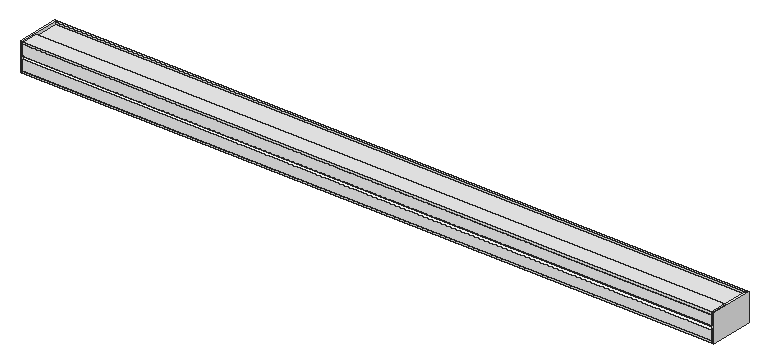
Revit family "4070757+4070747 Feilo Sylvania Lighting Fixture CURSUS 876MM 548LM WIDE LED 3K with SINGLE WALL HOUSING", category Lighting Fixtures, host Face, Revit 2017
Family settings
  Host = Face
  Round Connector Dimension = Use Diameter
  Part Type = Normal
  OmniClass Number = 23.80.70.14
  OmniClass Title = Luminaries for External Lighting
  Cut with Voids When Loaded = Yes
  Light Source = Yes
  Shared = Yes
  Room Calculation Point = No
Parameters (values of type "4070757 CURSUS 876MM 548LM WIDE LED 3K")
  Width_FEILO = 35 mm
  Weight = "1.7 kg"
  Wattage Comments = "n/a"
  Wattage = 13.5 W
  WarrantyStartDate [instance] = "n/a"
  WarrantyGuarantorParts = "n/a"
  WarrantyDurationUnit = "n/a"
  WarrantyDurationParts = "n/a"
  WarrantyDescription = "n/a"
  WallThickness_FEILO = 2.5 mm
  built-in parameter 1150110 = 1 (stored number, unit not read)
  Voltage = 24 V
  URL = "http://www.sylvania-lighting.com"
  TypeName = "CURSUS 876MM 548LM WIDE LED 3K"
  Type Image = <None>
  Type Comments = "n/a"
  built-in parameter 1114217 = 1 (stored number, unit not read)
  Tilt Angle = -90.00°
  built-in parameter 1150109 = 1 (stored number, unit not read)
  built-in parameter 1150134 = (empty or 0)
  built-in parameter 1150113 = 1 (stored number, unit not read)
  SerialNumber [instance] = "n/a"
  ReflectorMaterial = none
  PowerFactor = 0
  PowerConsumption = "13.5 W"
  Photometric Web File = "4070757.ies"
  NominalLength = 876 mm
  NominalHeight = 50 mm
  NominalDepth = 30 mm
  Name = "CURSUS 876MM 548LM WIDE LED 3K"
  ModelReference = Name  # "CURSUS 876MM 548LM WIDE LED 3K"
  ModelNumber = "4070757"
  Model = Name  # "CURSUS 876MM 548LM WIDE LED 3K"
  Material = "natural anodised extruded aluminium structure housing"
  ManufacturerName = "Feilo Sylvania"
  Manufacturer = "Feilo Sylvania"
  LuminousEfficacy = "40.59 lm/W"
  built-in parameter 1150105 = 302.47 (stored number, unit not read)
  Lumens = 548 lm
  LuminaireType = ""
  built-in parameter 1150115 = 1 (stored number, unit not read)
  LightOutputRatio = "100"
  built-in parameter 1150137 = (empty or 0)
  built-in parameter 1150139 = (empty or 0)
  Length_FEILO = 882 mm
  LampsType = Lamp  # "LED"
  LampNominalLuminous = "548 lm"
  LampMacAdamStep = "n/a"
  LampColourTemperature = "3000 K"
  LampColourRenderingIndex = "80"
  built-in parameter 1150112 = 1 (stored number, unit not read)
  built-in parameter 1150114 = 1 (stored number, unit not read)
  Lamp = "LED"
  Keynote = "16500"
  InstallationDate [instance] = "n/a"
  InputVoltage = "24V DC"
  InputNominalFrequency = "n/a"
  built-in parameter 1150132 = (empty or 0)
  built-in parameter 1150102 = (empty or 0)
  built-in parameter 1150107 = 3000 (stored number, unit not read)
  built-in parameter 1150138 = (empty or 0)
  IngressProtection = "IP67"
  ImpactProtectionIndex = "IK07"
  built-in parameter 1150106 = 3.0247 (stored number, unit not read)
  IfcExportType = "IfcLightFixtureType"
  IfcExportAs = "IfcLightFixtureType"
  ExpectedLife = 50000
  EndCapRight [instance] = yes
  EndCapLeft [instance] = yes
  Emit from Rectangle Width = Width_FEILO - WallThickness_FEILO * 2  # 30 mm
  Emit from Rectangle Length = Length_FEILO - WallThickness_FEILO * 2  # 877 mm
  Emit Shape Visible in Rendering = no
  ElectricShockClassification = "Class III"
  built-in parameter 1150104 = 3.7712 (stored number, unit not read)
  DurationUnit = "hours"
  DocumentationLiterature = "http://www.sylvania-lighting.com/product/en-int/products/4070757"
  DimmingControlOptions = "n/a"
  Dimming Lamp Color Temperature Shift = <None>
  DiffuserMaterial = Diffuser-Sylvania-Glow
  Description = "LED Exterior Lighting Recessed Surface Mounted Linear Fixture, Natural anodised extruded aluminium structure. Die-cast aluminium end caps. Installation kit with harmonic steel springs., 548 lm, 13,5W, 40lm/W, 3000K, CRI80+,non dimmable,IP67, IK07, (HxWxD) 876x50x30mm, 3 step Mac Adam Ellipse, 1.7kg,, Classe III, 21-25V-DC, energy class : A++, A+, A"
  Default Elevation = 1219.2 mm
  CreatedOn = "1/8/2018"
  CreatedBy = ""
  Cost = 0
  Color Filter = 16777215
  built-in parameter 1114216 [instance] = (empty or 0)
  ClassificationValue = "EF_70_80"
  ClassificationName = "Uniclass2015"
  BodyMaterial = Body-Sylvania-Gray
  BarCode [instance] = "n/a"
  built-in parameter 1114218 = 1 (stored number, unit not read)
  built-in parameter 1150133 = 10 (stored number, unit not read)
  AssetType = "Fixed"
  AssetIdentifier [instance] = "n/a"
  Assembly Code = "D5020200"
  Apparent Load = 13.5 VA
  AccessoryMaterial = Diffuser-Sylvania-Glow
Reference planes
  plane 1 "Center (Front/Back)": y = 0
  plane 2: z = 0
  plane 3 "Center (Left/Right)": x = 0
  plane 4: x = 441
  plane 5: x = -441
  plane 6: x = -438.5
  plane 7: x = 438.5
  plane 8: z = 35
  plane 9: z = 17.5
  plane 10: z = 32.5
  plane 11: z = 2.5
  plane 12: z = 30
  plane 13: z = 5
  plane 14: y = -55
  plane 15: y = -53
  plane 16: y = -2.5
  plane 17: y = -37
  plane 18: y = -34.5
Forms (mm)
  Extrusion 1, solid, material "Body-Sylvania-Gray" <- "BodyMaterial"
    sketch origin (0, 0, 0) x (0, 1, 0) y (0, 0, 1)
      loop
        line (0, 35) -> (-2.5, 35) -> (-2.5, 32.5) -> (-34.5, 32.5) -> (-34.5, 35) -> (-55, 35) -> (-55, 32.5) -> (-37, 32.5) -> (-37, 30) -> (-2.5, 30) -> (-2.5, 5) -> (-37, 5) -> (-37, 2.5) -> (-55, 2.5) -> (-55, 0) -> (-34.5, 0) -> (-34.5, 2.5) -> (-2.5, 2.5) -> (-2.5, 0) -> (0, 0) -> (0, 35)
    from -438.5 to 438.5
  Extrusion 2, solid, material "Diffuser-Sylvania-Glow" <- "DiffuserMaterial"
    sketch origin (0, 0, 0) x (0, 1, 0) y (0, 0, 1)
      loop
        line (-37, 32.5) -> (-55, 32.5) -> (-55, 19.5) -> (-53, 17.5) -> (-55, 15.5) -> (-55, 2.5) -> (-37, 2.5) -> (-37, 32.5)
    from -438.5 to 438.5
  Extrusion 3, solid, material "Body-Sylvania-Gray" <- "BodyMaterial", visible <- "EndCapRight"
    sketch origin (438.5, 1524, 1219.2) x (0, 1, 0) y (0, 0, 1)
      loop
        line (-1579, -1184.2) -> (-1579, -1219.2) -> (-1524, -1219.2) -> (-1524, -1184.2) -> (-1579, -1184.2)
    from 0 to 2.5
  Extrusion 4, solid, material "Body-Sylvania-Gray" <- "BodyMaterial", visible <- "EndCapLeft"
    sketch origin (-438.5, 1524, 1219.2) x (0, 1, 0) y (0, 0, 1)
      loop
        line (-1579, -1184.2) -> (-1579, -1219.2) -> (-1524, -1219.2) -> (-1524, -1184.2) -> (-1579, -1184.2)
    from -2.5 to 0
Dimensions and locks
  equal spacing: plane 5, plane 3 "Center (Left/Right)", plane 4
  "Length_FEILO": plane 5 to plane 4
  equal spacing: plane 6, plane 3 "Center (Left/Right)", plane 7
  "WallThickness_FEILO": plane 5 to plane 6
  locked: plane 9 to plane 2 at 17.5
  locked: plane 8 to plane 2 at 35
  equal spacing: plane 11, plane 9, plane 10
  equal spacing: plane 13, plane 9, plane 12
  "WallThickness_FEILO": plane 12 to plane 10
  locked: plane 14 to plane 15 at 2
  locked: plane 14 to plane 17 at 18
  "WallThickness_FEILO": plane 17 to plane 18
  "WallThickness_FEILO": plane 16 to plane 1 "Center (Front/Back)"
  locked: plane 15 to Extrusion 2 sketch curve (angle 45.00°)
  locked: Extrusion 2 sketch curve to plane 15 (angle 45.00°)
  aligned and locked: plane 2 to host face
  aligned and locked: level to host face
  aligned and locked: plane 1 "Center (Front/Back)" to Extrusion 1 sketch curve
  aligned and locked: Extrusion 1 sketch curve to plane 8  (x2)
  aligned and locked: plane 16 to Extrusion 1 sketch curve
  aligned and locked: host face to Extrusion 1 sketch curve
  aligned and locked: Extrusion 1 sketch curve to plane 16  (x2)
  aligned and locked: Extrusion 1 sketch curve to plane 11
  aligned and locked: plane 18 to Extrusion 1 sketch curve
  aligned and locked: level to Extrusion 1 sketch curve
  aligned and locked: plane 11 to Extrusion 1 sketch curve
  aligned and locked: Extrusion 1 sketch curve to plane 17
  aligned and locked: plane 13 to Extrusion 1 sketch curve
  aligned and locked: Extrusion 1 sketch curve to plane 12
  aligned and locked: plane 10 to Extrusion 1 sketch curve  (x2)
  aligned and locked: plane 17 to Extrusion 1 sketch curve  (x2)
  aligned and locked: plane 12 to Extrusion 1 sketch curve
  aligned and locked: Extrusion 1 sketch curve to plane 10
  aligned and locked: Extrusion 1 sketch curve to plane 18
  aligned and locked: plane 7 to Extrusion 1
  aligned and locked: Extrusion 1 to plane 6
  aligned and locked: Extrusion 2 sketch curve to Extrusion 1  (x4)
  aligned and locked: Extrusion 1 to Extrusion 2 sketch curve
  aligned and locked: plane 9 to Extrusion 2 sketch curve
  aligned and locked: plane 7 to Extrusion 2
  aligned and locked: Extrusion 2 to plane 6
  aligned and locked: Extrusion 3 sketch curve to Extrusion 1  (x4)
  aligned and locked: plane 4 to Extrusion 3
  aligned and locked: Extrusion 3 to plane 7
  aligned and locked: Extrusion 4 sketch curve to Extrusion 3  (x3)
  aligned and locked: Extrusion 4 sketch curve to Extrusion 1
  aligned and locked: Extrusion 4 to plane 5
  aligned and locked: plane 6 to Extrusion 4
  aligned and locked: plane 14 to imposter light
  aligned and locked: imposter light to plane 9
  aligned and locked: plane 3 "Center (Left/Right)" to imposter light
Automatic sketch dimensions
  host sketch curve to host sketch curve = 2438.4 mm  (x2)
  Extrusion 1 sketch curve to plane 14 = 0 mm  (x2)
  Extrusion 2 sketch curve to plane 15 = 0 mm
Connectors
  electrical at (0, 0, 0), driven by "Apparent Load", driven by "PowerFactor", driven by "Voltage"
    settings: index 1, voltage 24 V, apparent load 13.5 VA, apparent load phase1 0 VA, apparent load phase2 0 VA, apparent load phase3 0 VA, power factor 0, load classification "Lighting", number of poles 1, system type 30, power factor state 1, is connector primary yes, connector utility no, sub classification motor no, connector description ""
